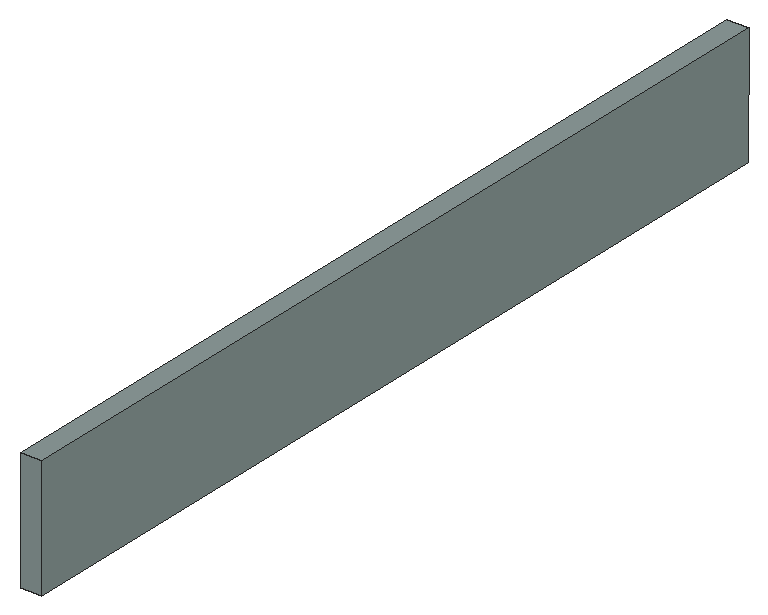
Revit family "Supports-Teknion-CEWCS-Sidesplash-R2023", category Furniture, Revit 2023
Family settings
  OmniClass Number = 23.40.20.00
  OmniClass Title = General Furniture and Specialties
  Work Plane-Based = No
  Enable Cutting in Views = No
  Always vertical = Yes
  Cut with Voids When Loaded = No
  Render Appearance Source = Family Geometry
  Shared = Yes
  Room Calculation Point = No
Parameters (values of type "Sidesplash")
  Width [instance] = 30.00079"
  Warranty = "http://www.teknion.com/ca/papers/legal-canada"
  Unit Weight URL = "http://www.teknion.com/ca/tools/assets#&asset=bee6a381-b954-425e-8283-5a2de3a804f2,f828d448-4b62-4231-9e5f-9a8991c0ed77"
  URL = "www.teknion.com"
  To render please download texture images found here [instance] = "https://assets.teknion.com/web/5e81352c1dfdb467/revit-material-swatches/"
  Sustainability Data = "https://www.teknion.com/ca/tools/assets#&topic=216f99a5-57a0-44fc-b10a-9dee9b29ae4c&asset=444deb64-fe58-4b68-981e-f75e97781df7,b4ff2d81-9f2e-437d-9659-7cffb09c31cf"
  Sidesplash Finish [instance] = Grade 2 Laminate - Teknion - W6 - Spruce
  Series = "Casework+"  # constant formula
  Product Page URL = "https://www.teknion.com/ca//products/product-details?productLineId=30ca1270-8e7a-673b-a6c8-ff05004460c4"
  Product Line = "Countertops & Supports"  # constant formula
  Product Documentation Link = "http://www.teknion.com/pricingguides/Casework/pdfs/CEWCS_ppg.pdf"
  Part Number = "CEWCS"  # constant formula
  Model = "CEWCS___04"  # constant formula
  Manufacturer Phone = "416-661-3370"  # constant formula
  Manufacturer Fax = "416.661.4586"  # constant formula
  Manufacturer Contact Information = "http://www.teknion.com/ca/contactus"
  Manufacturer Address = "1150 Flint Road, Toronto, ON. M3J 2J5. Canada"  # constant formula
  Manufacturer = "Teknion"  # constant formula
  How To Use Teknion Materials User Guide [instance] = "https://assets.teknion.com/m/205dd0a49fa58060/original/How-to-add-a-Material-Library-and-Texture-Images-to-your-Revit-project.pdf"
  For Additional Finishes please visit [instance] = "https://assets.teknion.com/m/44a8009b046e5d47/original/Teknion_Materials_Library.zip"
  Description = "Sidesplash"  # constant formula
  Default Elevation = 0.000"
  Available Width [instance] = "Available In 24, 25, 29 & 30 Inches"  # constant formula
  Assembly Code = "E2020200"
  Actual Width [instance] = Width - 0.700"  # 29.30079"
Reference planes (in)
  plane 1 "Center Front/Back": y = 0
  plane 2: z = 0
  plane 3 "Center Left/Right": x = 0
  plane 4 "Left": x = -0.35039
  plane 5 "Right": x = 0.35039
  plane 6 "Back": y = 14.65039
  plane 7 "Front": y = -14.65039
  plane 8 "Top": z = 36.93898
Forms (in)
  Sweep 1, solid, material "Grade 2 Laminate - Teknion - W6 - Spruce" <- "Sidesplash Finish"
    path origin (0, 0, 0) x (1, 0, 0) y (0, 0, 1)
      loop
        line (0, 36.93898) -> (0, 32.93898)
    profile origin (0, 0, 34.93898) x (0, -1, 0) y (1, 0, 0)
      loop
        line (-14.64961, 0.35039) -> (-14.64961, -0.35039) -> (14.64961, -0.35039) -> (14.64961, 0.35039) -> (-14.64961, 0.35039)
Lines and regions (in)
  Masking region 1
    outline origin (0, 0, 0) x (1, 0, 0) y (0, 1, 0)
      loop
        line (0.35039, 14.65039) -> (-0.35039, 14.65039) -> (-0.35039, -14.65039) -> (0.35039, -14.65039) -> (0.35039, 14.65039)
  reference lines
    curve 1: line (0.35039, 14.65039, 0) -> (0.35039, -14.65039, 0)
    curve 2: line (-0.35039, 14.65039, 0) -> (-0.35039, -14.65039, 0)
    curve 3: line (-0.35039, -14.65039, 0) -> (0.35039, -14.65039, 0)
    curve 4: line (-0.35039, 14.65039, 0) -> (0.35039, 14.65039, 0)
Dimensions and locks (in)
  plane 4 "Left" to plane 5 "Right" = 0.70079"
  "Actual Width": plane 6 "Back" to plane 7 "Front"
  plane 8 "Top" to level = 36.93898"
  locked: plane 8 "Top" to Sweep 1 sketch curve at 4
  equal spacing: plane 6 "Back", plane 1 "Center Front/Back", plane 7 "Front"
  equal spacing: plane 4 "Left", plane 3 "Center Left/Right", plane 5 "Right"
  aligned and locked: level to plane 2
  aligned and locked: nested 4 to plane 7 "Front"
  aligned and locked: nested 3 to plane 7 "Front"
  aligned and locked: nested 3 to plane 5 "Right"
  aligned and locked: nested 4 to plane 4 "Left"
  aligned and locked: nested 1 to plane 6 "Back"
  aligned and locked: nested 2 to plane 6 "Back"
  aligned and locked: plane 4 "Left" to nested 2
  aligned and locked: nested 1 to plane 5 "Right"
Automatic sketch dimensions
  curve 3 to plane 4 "Left" = 0.000"
  curve 3 to plane 5 "Right" = 0.000"
  plane 7 "Front" to curve 1 = 0.000"
  curve 2 to plane 6 "Back" = 0.000"
  Sweep 1 sketch curve to plane 3 "Center Left/Right" = 0.000"
  Sweep 1 sketch curve to plane 8 "Top" = 0.000"
  Sweep 1 sketch curve to profile plane = 0.35039"
  Sweep 1 sketch curve to plane 1 "Center Front/Back" = 14.64961"
  profile plane to Sweep 1 sketch curve = 0.35039"
  plane 1 "Center Front/Back" to Sweep 1 sketch curve = 14.64961"
  Masking region 1 sketch curve to plane 4 "Left" = 0.000"
  Masking region 1 sketch curve to plane 5 "Right" = 0.000"
  plane 7 "Front" to Masking region 1 sketch curve = 0.000"
  Masking region 1 sketch curve to plane 6 "Back" = 0.000"
Nested families (in)
  nested 1: "Teknion_2D_Node_Family-R2021" at (0.35039, 14.65039, 0), type "Teknion_2D_Node_Family-R2021"
  nested 2: "Teknion_2D_Node_Family-R2021" at (-0.35039, 14.65039, 0), type "Teknion_2D_Node_Family-R2021"
  nested 3: "Teknion_2D_Node_Family-R2021" at (0.35039, -14.65039, 0), type "Teknion_2D_Node_Family-R2021"
  nested 4: "Teknion_2D_Node_Family-R2021" at (-0.35039, -14.65039, 0), type "Teknion_2D_Node_Family-R2021"
Definition of nested family "Teknion_2D_Node_Family-R2021"
  Reference planes (in)
    plane 1 "Center (Front/Back)": y = 0
    plane 2: z = 0
    plane 3 "Center (Left/Right)": x = 0
  Lines and regions (in)
    detail lines, in view "Ref. Level"
      curve 1: circle (0, 0, 0) r 1.25 normal (0, 0, 1)
      curve 2: line (1.91508, -1.91508, 0) -> (-1.91508, 1.91508, 0)
      curve 3: line (-1.91508, -1.91508, 0) -> (1.91508, 1.91508, 0)
